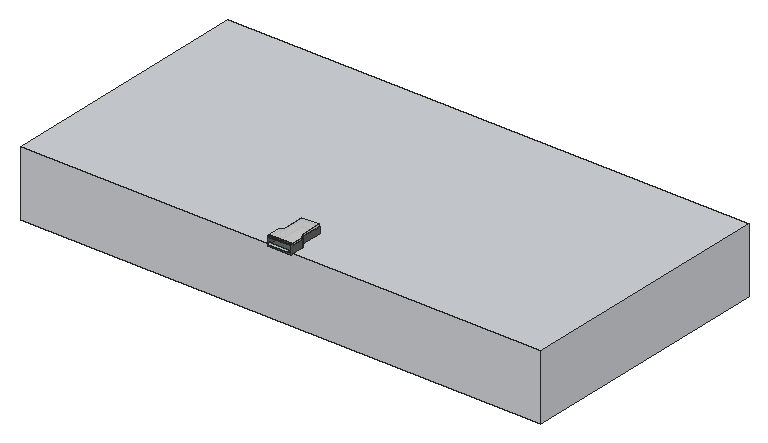
Revit family "Fiber optic splicing cassette for HD modular panel", category Installations électriques, Revit 2020
Family settings
  Hôte = Face
  Conserver l'orientation des annotations = Non
  Cote de connecteur circulaire = Utiliser le diamètre
  Type d'élément = Normal
  Couper avec des vides une fois chargée = Non
  Partagée = Oui
  Point de calcul de pièce = Non
Parameters
  Width (mm) = 110.3 mm
  Length = 185 mm
  Legrand part number = "LG-032141"
  Height (mm) = 43.7 mm
  General Conditions of Use = "https://export.legrand.com/en/terms-of-use-BIM-objects"
  GTIN = "3414970962126"
  Function = "Fiber optic splicing cassette"
  Fabricant = "LEGRAND"
  Default Elevation = 1219.2 mm
  E-catalogue link = "https://www.legrand.fr/reference/032141/pro"
  Description = "Fiber optic splicing cassette for HD modular panel"
  BIM wording = "Legrand FIBER PATCH PANELS"
  Application class = "EC000762"
Reference planes
  plane 1 "Centre (avant/arrière)": y = 0
  plane 2: z = 0
  plane 3 "Centre (gauche/droite)": x = 0
Forms (mm)
  Extrusion 1, solid
    sketch origin (0, 0, 0) x (1, 0, 0) y (0, 1, 0)
      loop
        line (-1219.2, 1219.2) -> (-1219.2, 0) -> (1219.2, 0) -> (1219.2, 1219.2) -> (-1219.2, 1219.2)
    from 0 to -304.8
  Extrusion 2, solid, material "LEGRAND - Noir 9017"
    sketch origin (0, -6, 0) x (1, 0, 0) y (0, 1, 0)
      loop
        line (-40.459, 185) -> (-40.459, 87.623) -> (-55.15, 67.402) -> (-55.15, 0) -> (55.15, 0) -> (55.15, 67.402) -> (40.459, 87.623) -> (40.459, 185) -> (-40.459, 185)
    from 0 to 31.7
  Extrusion 3, solid, material "LEGRAND - Plastique translucide"
    sketch origin (0, -6, 31.7) x (1, 0, 0) y (0, 1, 0)
      loop
        line (-40.459, 185) -> (-40.459, 87.623) -> (-55.15, 67.402) -> (-55.15, 9) -> (55.15, 9) -> (55.15, 67.402) -> (40.459, 87.623) -> (40.459, 185) -> (-40.459, 185)
    from 0 to 9
  Extrusion 4, solid, material "LEGRAND - Noir 9017"
    sketch origin (0, -6, 31.7) x (1, 0, 0) y (0, 1, 0)
      loop
        line (-55.15, 9) -> (-55.15, 0) -> (55.15, 0) -> (55.15, 9) -> (-55.15, 9)
    from 0 to 9
  Extrusion 5, void
    sketch origin (0, -6, 0) x (1, 0, 0) y (0, 1, 0)
      loop
        line (38.459, 183) -> (-38.459, 183) -> (-38.459, 86.974) -> (-53.15, 66.753) -> (-53.15, -10) -> (53.15, -10) -> (53.15, 66.753) -> (38.459, 86.974) -> (38.459, 183)
    from 4.525 to 38
  Extrusion 6, solid, material "LEGRAND - Bleu"
    sketch origin (0, -5.6, 0) x (1, 0, 0) y (0, 1, 0)
      loop
        line (-53.15, -0.4) -> (53.15, -0.4) -> (53.15, 1.6) -> (-53.15, 1.6) -> (-53.15, -0.4)
    from 4.5 to 15
  Extrusion 7, solid, material "LEGRAND - Noir 9017"
    sketch origin (0, 0, 0) x (1, 0, 0) y (0, 1, 0)
      loop
        line (-55.15, 0) -> (-55.15, -6) -> (55.15, -6) -> (55.15, 0) -> (-55.15, 0)
    from -3 to 0
Cuts and joins
  Extrusion 5 cuts Extrusion 2
  Extrusion 5 cuts Extrusion 4
  joined: Extrusion 2, Extrusion 4, Extrusion 7
  Extrusion 5 cuts Extrusion 3
Dimensions and locks
  aligned and locked: plane 2 to Extrusion 1
  aligned and locked: level to Extrusion 1
Connectors
  electrical at (0, 179, 15.85)
    settings: on cut or joined group of Extrusion 2, Extrusion 4, Extrusion 5, Extrusion 7, index 1, voltage 0 V, apparent load 0 VA, apparent load phase1 0 VA, apparent load phase2 0 VA, apparent load phase3 0 VA, power factor 1, load classification "Autre", number of poles 1, system type 31, power factor state 1, is connector primary yes, connector utility no, sub classification motor no, connector description ""
